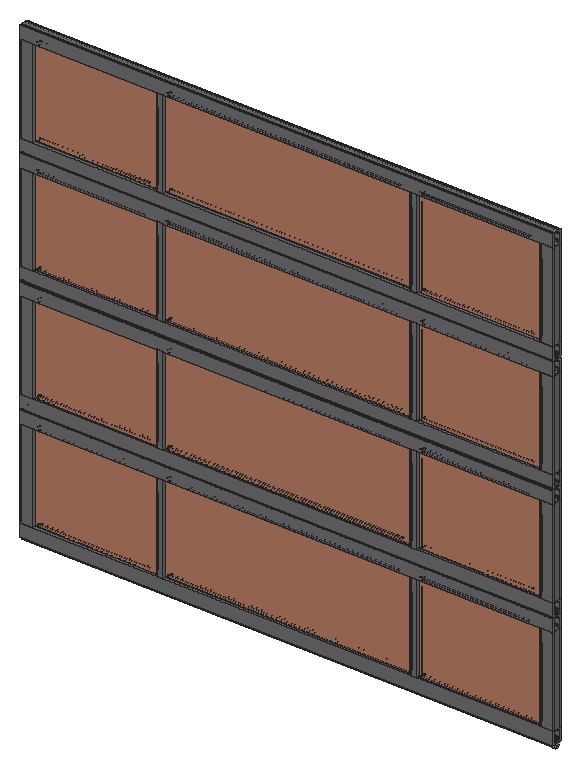
Revit family "GASY 12PUE T1C", category Doors, host Wall, Revit 2024
Family settings
  Host = Wall
  OmniClass Number = 23.30.10.00
  OmniClass Title = Doors
  Always vertical = Yes
  Cut with Voids When Loaded = No
  Shared = No
  Room Calculation Point = No
Parameters
  Wall Opening [instance] = 2440 mm
  Function = Interior
  Frame Projection Ext. = 25 mm
  Frame Projection Int. = 25 mm
  Frame Width = 75 mm
  Height = 2135 mm
  Wall Closure = By host
  Width = 2440 mm
Reference planes
  plane 1: y = 0
  plane 2 "Center (Left/Right)": x = 0
  plane 3 "Left": x = -1220
  plane 4 "Right": x = 1220
  plane 5: z = 2135
  plane 6 "Exterior": y = 75
  plane 7 "Interior": y = -75
  plane 8 "Garage Bottom": y = 75
  plane 9 "Garage Left": x = 1250
  plane 10 "Garage Right": x = -1250
  plane 11 "Garage Top": z = 2170
  plane 12: y = -115
Forms (mm)
  Extrusion 1, solid, material "ALUMINIUM CHAR (TEST)"
    sketch origin (0, -40.1, 2189.909) x (0, -1, 0) y (0, 0, -1)
      loop
        line (75, 2170) -> (75, 2110) -> (85, 2110) -> (85, 2110.993) -> (83.5, 2111.395) -> (83.5, 2112.6) -> (101.75, 2112.6) -> (101.75, 2111.307) -> (99, 2111.066) -> (99, 2110) -> (119, 2110) -> (119, 2170) -> (115.1, 2170) -> (115.1, 2168.2) -> (117.2, 2168.2) -> (117.2, 2166.2) -> (109.1, 2166.2) -> (109.1, 2168.2) -> (111.1, 2168.2) -> (111.1, 2170) -> (82.9, 2170) -> (82.9, 2168.2) -> (84.9, 2168.2) -> (84.9, 2166.2) -> (76.8, 2166.2) -> (76.8, 2168.2) -> (78.9, 2168.2) -> (78.9, 2170) -> (75, 2170)
      loop
        line (117.25, 2157.453) -> (117.25, 2164.6) -> (107.3, 2164.6) -> (107.3, 2168.2) -> (86.7, 2168.2) -> (86.7, 2164.6) -> (76.75, 2164.6) -> (76.75, 2157.453) -> (77.3, 2156.5) -> (77.3, 2153.5) -> (76.75, 2152.547) -> (76.75, 2127.253) -> (77.3, 2126.3) -> (77.3, 2123.3) -> (76.75, 2122.347) -> (76.75, 2111.8) -> (81.7, 2111.8) -> (81.7, 2114.4) -> (103.55, 2114.4) -> (103.55, 2111.8) -> (117.25, 2111.8) -> (117.25, 2122.347) -> (116.7, 2123.3) -> (116.7, 2126.3) -> (117.25, 2127.253) -> (117.25, 2152.547) -> (116.7, 2153.5) -> (116.7, 2156.5) -> (117.25, 2157.453)
      loop
        line (75, 19.909) -> (78.9, 19.909) -> (78.9, 21.709) -> (76.8, 21.709) -> (76.8, 23.709) -> (84.9, 23.709) -> (84.9, 21.709) -> (82.9, 21.709) -> (82.9, 19.909) -> (111.1, 19.909) -> (111.1, 21.709) -> (109.1, 21.709) -> (109.1, 23.709) -> (117.2, 23.709) -> (117.2, 21.709) -> (115.1, 21.709) -> (115.1, 19.909) -> (119, 19.909) -> (119, 79.909) -> (99, 79.909) -> (99, 78.843) -> (101.75, 78.602) -> (101.75, 77.309) -> (83.5, 77.309) -> (83.5, 78.514) -> (85, 78.916) -> (85, 79.909) -> (75, 79.909) -> (75, 19.909)
      loop
        line (117.25, 32.456) -> (116.7, 33.409) -> (116.7, 36.409) -> (117.25, 37.361) -> (117.25, 62.656) -> (116.7, 63.609) -> (116.7, 66.609) -> (117.25, 67.561) -> (117.25, 78.109) -> (103.55, 78.109) -> (103.55, 75.509) -> (81.7, 75.509) -> (81.7, 78.109) -> (76.75, 78.109) -> (76.75, 67.561) -> (77.3, 66.609) -> (77.3, 63.609) -> (76.75, 62.656) -> (76.75, 37.361) -> (77.3, 36.409) -> (77.3, 33.409) -> (76.75, 32.456) -> (76.75, 25.309) -> (86.7, 25.309) -> (86.7, 21.709) -> (107.3, 21.709) -> (107.3, 25.309) -> (117.25, 25.309) -> (117.25, 32.456)
    from -1250 to 1250
  Extrusion 2, solid, material "ALUMINIUM CHAR (TEST)"
    sketch origin (0, -40.1, 3811.454) x (0, -1, 0) y (0, 0, -1)
      loop
        line (75, 3258.454) -> (78.9, 3258.454) -> (78.9, 3260.254) -> (76.8, 3260.254) -> (76.8, 3262.254) -> (84.9, 3262.254) -> (84.9, 3260.254) -> (82.9, 3260.254) -> (82.9, 3258.454) -> (111.1, 3258.454) -> (111.1, 3260.254) -> (109.1, 3260.254) -> (109.1, 3262.254) -> (117.2, 3262.254) -> (117.2, 3260.254) -> (115.1, 3260.254) -> (115.1, 3258.454) -> (119, 3258.454) -> (119, 3318.454) -> (99, 3318.454) -> (99, 3317.388) -> (101.75, 3317.148) -> (101.75, 3315.854) -> (83.5, 3315.854) -> (83.5, 3317.06) -> (85, 3317.461) -> (85, 3318.454) -> (75, 3318.454) -> (75, 3258.454)
      loop
        line (117.25, 3271.002) -> (116.7, 3271.954) -> (116.7, 3274.954) -> (117.25, 3275.907) -> (117.25, 3301.202) -> (116.7, 3302.154) -> (116.7, 3305.154) -> (117.25, 3306.107) -> (117.25, 3316.654) -> (103.55, 3316.654) -> (103.55, 3314.054) -> (81.7, 3314.054) -> (81.7, 3316.654) -> (76.75, 3316.654) -> (76.75, 3306.107) -> (77.3, 3305.154) -> (77.3, 3302.154) -> (76.75, 3301.202) -> (76.75, 3275.907) -> (77.3, 3274.954) -> (77.3, 3271.954) -> (76.75, 3271.002) -> (76.75, 3263.854) -> (86.7, 3263.854) -> (86.7, 3260.254) -> (107.3, 3260.254) -> (107.3, 3263.854) -> (117.25, 3263.854) -> (117.25, 3271.002)
      loop
        line (75, 3252.454) -> (75, 3192.454) -> (85, 3192.454) -> (85, 3193.447) -> (83.5, 3193.849) -> (83.5, 3195.054) -> (101.75, 3195.054) -> (101.75, 3193.761) -> (99, 3193.52) -> (99, 3192.454) -> (119, 3192.454) -> (119, 3252.454) -> (115.1, 3252.454) -> (115.1, 3250.654) -> (117.2, 3250.654) -> (117.2, 3248.654) -> (109.1, 3248.654) -> (109.1, 3250.654) -> (111.1, 3250.654) -> (111.1, 3252.454) -> (82.9, 3252.454) -> (82.9, 3250.654) -> (84.9, 3250.654) -> (84.9, 3248.654) -> (76.8, 3248.654) -> (76.8, 3250.654) -> (78.9, 3250.654) -> (78.9, 3252.454) -> (75, 3252.454)
      loop
        line (117.25, 3239.907) -> (117.25, 3247.054) -> (107.3, 3247.054) -> (107.3, 3250.654) -> (86.7, 3250.654) -> (86.7, 3247.054) -> (76.75, 3247.054) -> (76.75, 3239.907) -> (77.3, 3238.954) -> (77.3, 3235.954) -> (76.75, 3235.002) -> (76.75, 3209.707) -> (77.3, 3208.754) -> (77.3, 3205.754) -> (76.75, 3204.802) -> (76.75, 3194.254) -> (81.7, 3194.254) -> (81.7, 3196.854) -> (103.55, 3196.854) -> (103.55, 3194.254) -> (117.25, 3194.254) -> (117.25, 3204.802) -> (116.7, 3205.754) -> (116.7, 3208.754) -> (117.25, 3209.707) -> (117.25, 3235.002) -> (116.7, 3235.954) -> (116.7, 3238.954) -> (117.25, 3239.907)
      loop
        line (75, 2719.454) -> (78.9, 2719.454) -> (78.9, 2721.254) -> (76.8, 2721.254) -> (76.8, 2723.254) -> (84.9, 2723.254) -> (84.9, 2721.254) -> (82.9, 2721.254) -> (82.9, 2719.454) -> (111.1, 2719.454) -> (111.1, 2721.254) -> (109.1, 2721.254) -> (109.1, 2723.254) -> (117.2, 2723.254) -> (117.2, 2721.254) -> (115.1, 2721.254) -> (115.1, 2719.454) -> (119, 2719.454) -> (119, 2779.454) -> (99, 2779.454) -> (99, 2778.388) -> (101.75, 2778.148) -> (101.75, 2776.854) -> (83.5, 2776.854) -> (83.5, 2778.06) -> (85, 2778.461) -> (85, 2779.454) -> (75, 2779.454) -> (75, 2719.454)
      loop
        line (117.25, 2732.002) -> (116.7, 2732.954) -> (116.7, 2735.954) -> (117.25, 2736.907) -> (117.25, 2762.202) -> (116.7, 2763.154) -> (116.7, 2766.154) -> (117.25, 2767.107) -> (117.25, 2777.654) -> (103.55, 2777.654) -> (103.55, 2775.054) -> (81.7, 2775.054) -> (81.7, 2777.654) -> (76.75, 2777.654) -> (76.75, 2767.107) -> (77.3, 2766.154) -> (77.3, 2763.154) -> (76.75, 2762.202) -> (76.75, 2736.907) -> (77.3, 2735.954) -> (77.3, 2732.954) -> (76.75, 2732.002) -> (76.75, 2724.854) -> (86.7, 2724.854) -> (86.7, 2721.254) -> (107.3, 2721.254) -> (107.3, 2724.854) -> (117.25, 2724.854) -> (117.25, 2732.002)
      loop
        line (75, 2713.454) -> (75, 2653.454) -> (85, 2653.454) -> (85, 2654.447) -> (83.5, 2654.849) -> (83.5, 2656.054) -> (101.75, 2656.054) -> (101.75, 2654.761) -> (99, 2654.52) -> (99, 2653.454) -> (119, 2653.454) -> (119, 2713.454) -> (115.1, 2713.454) -> (115.1, 2711.654) -> (117.2, 2711.654) -> (117.2, 2709.654) -> (109.1, 2709.654) -> (109.1, 2711.654) -> (111.1, 2711.654) -> (111.1, 2713.454) -> (82.9, 2713.454) -> (82.9, 2711.654) -> (84.9, 2711.654) -> (84.9, 2709.654) -> (76.8, 2709.654) -> (76.8, 2711.654) -> (78.9, 2711.654) -> (78.9, 2713.454) -> (75, 2713.454)
      loop
        line (117.25, 2700.907) -> (117.25, 2708.054) -> (107.3, 2708.054) -> (107.3, 2711.654) -> (86.7, 2711.654) -> (86.7, 2708.054) -> (76.75, 2708.054) -> (76.75, 2700.907) -> (77.3, 2699.954) -> (77.3, 2696.954) -> (76.75, 2696.002) -> (76.75, 2670.707) -> (77.3, 2669.754) -> (77.3, 2666.754) -> (76.75, 2665.802) -> (76.75, 2655.254) -> (81.7, 2655.254) -> (81.7, 2657.854) -> (103.55, 2657.854) -> (103.55, 2655.254) -> (117.25, 2655.254) -> (117.25, 2665.802) -> (116.7, 2666.754) -> (116.7, 2669.754) -> (117.25, 2670.707) -> (117.25, 2696.002) -> (116.7, 2696.954) -> (116.7, 2699.954) -> (117.25, 2700.907)
      loop
        line (75, 2180.454) -> (78.9, 2180.454) -> (78.9, 2182.254) -> (76.8, 2182.254) -> (76.8, 2184.254) -> (84.9, 2184.254) -> (84.9, 2182.254) -> (82.9, 2182.254) -> (82.9, 2180.454) -> (111.1, 2180.454) -> (111.1, 2182.254) -> (109.1, 2182.254) -> (109.1, 2184.254) -> (117.2, 2184.254) -> (117.2, 2182.254) -> (115.1, 2182.254) -> (115.1, 2180.454) -> (119, 2180.454) -> (119, 2240.454) -> (99, 2240.454) -> (99, 2239.388) -> (101.75, 2239.148) -> (101.75, 2237.854) -> (83.5, 2237.854) -> (83.5, 2239.06) -> (85, 2239.461) -> (85, 2240.454) -> (75, 2240.454) -> (75, 2180.454)
      loop
        line (117.25, 2193.002) -> (116.7, 2193.954) -> (116.7, 2196.954) -> (117.25, 2197.907) -> (117.25, 2223.202) -> (116.7, 2224.154) -> (116.7, 2227.154) -> (117.25, 2228.107) -> (117.25, 2238.654) -> (103.55, 2238.654) -> (103.55, 2236.054) -> (81.7, 2236.054) -> (81.7, 2238.654) -> (76.75, 2238.654) -> (76.75, 2228.107) -> (77.3, 2227.154) -> (77.3, 2224.154) -> (76.75, 2223.202) -> (76.75, 2197.907) -> (77.3, 2196.954) -> (77.3, 2193.954) -> (76.75, 2193.002) -> (76.75, 2185.854) -> (86.7, 2185.854) -> (86.7, 2182.254) -> (107.3, 2182.254) -> (107.3, 2185.854) -> (117.25, 2185.854) -> (117.25, 2193.002)
      loop
        line (75, 2174.454) -> (75, 2114.454) -> (85, 2114.454) -> (85, 2115.447) -> (83.5, 2115.849) -> (83.5, 2117.054) -> (101.75, 2117.054) -> (101.75, 2115.761) -> (99, 2115.52) -> (99, 2114.454) -> (119, 2114.454) -> (119, 2174.454) -> (115.1, 2174.454) -> (115.1, 2172.654) -> (117.2, 2172.654) -> (117.2, 2170.654) -> (109.1, 2170.654) -> (109.1, 2172.654) -> (111.1, 2172.654) -> (111.1, 2174.454) -> (82.9, 2174.454) -> (82.9, 2172.654) -> (84.9, 2172.654) -> (84.9, 2170.654) -> (76.8, 2170.654) -> (76.8, 2172.654) -> (78.9, 2172.654) -> (78.9, 2174.454) -> (75, 2174.454)
      loop
        line (117.25, 2161.907) -> (117.25, 2169.054) -> (107.3, 2169.054) -> (107.3, 2172.654) -> (86.7, 2172.654) -> (86.7, 2169.054) -> (76.75, 2169.054) -> (76.75, 2161.907) -> (77.3, 2160.954) -> (77.3, 2157.954) -> (76.75, 2157.002) -> (76.75, 2131.707) -> (77.3, 2130.754) -> (77.3, 2127.754) -> (76.75, 2126.802) -> (76.75, 2116.254) -> (81.7, 2116.254) -> (81.7, 2118.854) -> (103.55, 2118.854) -> (103.55, 2116.254) -> (117.25, 2116.254) -> (117.25, 2126.802) -> (116.7, 2127.754) -> (116.7, 2130.754) -> (117.25, 2131.707) -> (117.25, 2157.002) -> (116.7, 2157.954) -> (116.7, 2160.954) -> (117.25, 2161.907)
    from -1250 to 1250
  Extrusion 3, solid, material "Rubber, Natural"
    sketch origin (0, -36.1, 0) x (0, 1, 0) y (0, 0, 1)
      loop
        line (-111, 19.909) -> (-111, 16.909) -> (-106, 16.909) -> (-106, 14.004)
        spline (-106, 14.004) -> (-109.192, 11.809) -> (-110.848, 8.808) -> (-110.659, 5.562) -> (-108.66, 2.681) -> (-105.226, 0.703) -> (-101, 0) -> (-96.774, 0.703) -> (-93.34, 2.681) -> (-91.341, 5.562) -> (-91.152, 8.808) -> (-92.808, 11.809) -> (-96, 14.004)
        line (-96, 14.004) -> (-96, 16.909) -> (-91, 16.909) -> (-91, 19.909) -> (-111, 19.909)
      loop
        line (-98, 16.909) -> (-104, 16.909) -> (-104, 14.633)
        arc (-104, 14.633) -> (-101, 15.009) -> (-98, 14.633) r 12.129
        line (-98, 14.633) -> (-98, 16.909)
      loop
        spline (-101, 1.513) -> (-98.929, 1.717) -> (-97, 2.316) -> (-95.343, 3.268) -> (-94.072, 4.509) -> (-93.273, 5.954) -> (-93, 7.505) -> (-93.273, 9.055) -> (-94.072, 10.501) -> (-95.343, 11.742) -> (-97, 12.694) -> (-98.929, 13.292) -> (-101, 13.496)
        spline (-101, 13.496) -> (-103.071, 13.292) -> (-105, 12.694) -> (-106.657, 11.742) -> (-107.928, 10.501) -> (-108.727, 9.055) -> (-109, 7.505) -> (-108.727, 5.954) -> (-107.928, 4.509) -> (-106.657, 3.268) -> (-105, 2.316) -> (-103.071, 1.717) -> (-101, 1.513)
    from -1250 to 1250
  Extrusion 4, solid, material "Rubber, Natural"
    sketch origin (0, -19.95, 1625.346) x (0, 1, 0) y (0, 0, 1)
      loop
        line (-104, 14.808) -> (-104, 13.808) -> (-101.5, 13.808) -> (-101.5, 11.781)
        spline (-101.5, 11.781) -> (-102.841, 11.479) -> (-103.739, 10.888) -> (-103.978, 10.15) -> (-103.501, 9.444) -> (-102.421, 8.938) -> (-101, 8.754) -> (-99.579, 8.938) -> (-98.499, 9.444) -> (-98.022, 10.15) -> (-98.261, 10.888) -> (-99.159, 11.479) -> (-100.5, 11.781)
        line (-100.5, 11.781) -> (-100.5, 13.808) -> (-98, 13.808) -> (-98, 14.808) -> (-104, 14.808)
      loop
        line (-136.3, 14.808) -> (-136.3, 13.808) -> (-133.8, 13.808) -> (-133.8, 11.781)
        spline (-133.8, 11.781) -> (-135.141, 11.479) -> (-136.039, 10.888) -> (-136.278, 10.15) -> (-135.801, 9.444) -> (-134.721, 8.938) -> (-133.3, 8.754) -> (-131.879, 8.938) -> (-130.799, 9.444) -> (-130.322, 10.15) -> (-130.561, 10.888) -> (-131.459, 11.479) -> (-132.8, 11.781)
        line (-132.8, 11.781) -> (-132.8, 13.808) -> (-130.3, 13.808) -> (-130.3, 14.808) -> (-136.3, 14.808)
      loop
        line (-104, 2.501) -> (-98, 2.501) -> (-98, 3.501) -> (-100.5, 3.501) -> (-100.5, 5.528)
        spline (-100.5, 5.528) -> (-99.159, 5.83) -> (-98.261, 6.421) -> (-98.022, 7.158) -> (-98.499, 7.865) -> (-99.579, 8.371) -> (-101, 8.554) -> (-102.421, 8.371) -> (-103.501, 7.865) -> (-103.978, 7.158) -> (-103.739, 6.421) -> (-102.841, 5.83) -> (-101.5, 5.528)
        line (-101.5, 5.528) -> (-101.5, 3.501) -> (-104, 3.501) -> (-104, 2.501)
      loop
        line (-136.3, 2.501) -> (-130.3, 2.501) -> (-130.3, 3.501) -> (-132.8, 3.501) -> (-132.8, 5.528)
        spline (-132.8, 5.528) -> (-131.459, 5.83) -> (-130.561, 6.421) -> (-130.322, 7.158) -> (-130.799, 7.865) -> (-131.879, 8.371) -> (-133.3, 8.554) -> (-134.721, 8.371) -> (-135.801, 7.865) -> (-136.278, 7.158) -> (-136.039, 6.421) -> (-135.141, 5.83) -> (-133.8, 5.528)
        line (-133.8, 5.528) -> (-133.8, 3.501) -> (-136.3, 3.501) -> (-136.3, 2.501)
      loop
        line (-104, -524.192) -> (-104, -525.192) -> (-101.5, -525.192) -> (-101.5, -527.219)
        spline (-101.5, -527.219) -> (-102.841, -527.521) -> (-103.739, -528.112) -> (-103.978, -528.85) -> (-103.501, -529.556) -> (-102.421, -530.062) -> (-101, -530.246) -> (-99.579, -530.062) -> (-98.499, -529.556) -> (-98.022, -528.85) -> (-98.261, -528.112) -> (-99.159, -527.521) -> (-100.5, -527.219)
        line (-100.5, -527.219) -> (-100.5, -525.192) -> (-98, -525.192) -> (-98, -524.192) -> (-104, -524.192)
      loop
        line (-136.3, -524.192) -> (-136.3, -525.192) -> (-133.8, -525.192) -> (-133.8, -527.219)
        spline (-133.8, -527.219) -> (-135.141, -527.521) -> (-136.039, -528.112) -> (-136.278, -528.85) -> (-135.801, -529.556) -> (-134.721, -530.062) -> (-133.3, -530.246) -> (-131.879, -530.062) -> (-130.799, -529.556) -> (-130.322, -528.85) -> (-130.561, -528.112) -> (-131.459, -527.521) -> (-132.8, -527.219)
        line (-132.8, -527.219) -> (-132.8, -525.192) -> (-130.3, -525.192) -> (-130.3, -524.192) -> (-136.3, -524.192)
      loop
        line (-104, -536.499) -> (-98, -536.499) -> (-98, -535.499) -> (-100.5, -535.499) -> (-100.5, -533.472)
        spline (-100.5, -533.472) -> (-99.159, -533.17) -> (-98.261, -532.579) -> (-98.022, -531.842) -> (-98.499, -531.135) -> (-99.579, -530.629) -> (-101, -530.446) -> (-102.421, -530.629) -> (-103.501, -531.135) -> (-103.978, -531.842) -> (-103.739, -532.579) -> (-102.841, -533.17) -> (-101.5, -533.472)
        line (-101.5, -533.472) -> (-101.5, -535.499) -> (-104, -535.499) -> (-104, -536.499)
      loop
        line (-136.3, -536.499) -> (-130.3, -536.499) -> (-130.3, -535.499) -> (-132.8, -535.499) -> (-132.8, -533.472)
        spline (-132.8, -533.472) -> (-131.459, -533.17) -> (-130.561, -532.579) -> (-130.322, -531.842) -> (-130.799, -531.135) -> (-131.879, -530.629) -> (-133.3, -530.446) -> (-134.721, -530.629) -> (-135.801, -531.135) -> (-136.278, -531.842) -> (-136.039, -532.579) -> (-135.141, -533.17) -> (-133.8, -533.472)
        line (-133.8, -533.472) -> (-133.8, -535.499) -> (-136.3, -535.499) -> (-136.3, -536.499)
      loop
        line (-104, -1063.192) -> (-104, -1064.192) -> (-101.5, -1064.192) -> (-101.5, -1066.219)
        spline (-101.5, -1066.219) -> (-102.841, -1066.521) -> (-103.739, -1067.112) -> (-103.978, -1067.85) -> (-103.501, -1068.556) -> (-102.421, -1069.062) -> (-101, -1069.246) -> (-99.579, -1069.062) -> (-98.499, -1068.556) -> (-98.022, -1067.85) -> (-98.261, -1067.112) -> (-99.159, -1066.521) -> (-100.5, -1066.219)
        line (-100.5, -1066.219) -> (-100.5, -1064.192) -> (-98, -1064.192) -> (-98, -1063.192) -> (-104, -1063.192)
      loop
        line (-136.3, -1063.192) -> (-136.3, -1064.192) -> (-133.8, -1064.192) -> (-133.8, -1066.219)
        spline (-133.8, -1066.219) -> (-135.141, -1066.521) -> (-136.039, -1067.112) -> (-136.278, -1067.85) -> (-135.801, -1068.556) -> (-134.721, -1069.062) -> (-133.3, -1069.246) -> (-131.879, -1069.062) -> (-130.799, -1068.556) -> (-130.322, -1067.85) -> (-130.561, -1067.112) -> (-131.459, -1066.521) -> (-132.8, -1066.219)
        line (-132.8, -1066.219) -> (-132.8, -1064.192) -> (-130.3, -1064.192) -> (-130.3, -1063.192) -> (-136.3, -1063.192)
      loop
        line (-104, -1075.499) -> (-98, -1075.499) -> (-98, -1074.499) -> (-100.5, -1074.499) -> (-100.5, -1072.472)
        spline (-100.5, -1072.472) -> (-99.159, -1072.17) -> (-98.261, -1071.579) -> (-98.022, -1070.842) -> (-98.499, -1070.135) -> (-99.579, -1069.629) -> (-101, -1069.446) -> (-102.421, -1069.629) -> (-103.501, -1070.135) -> (-103.978, -1070.842) -> (-103.739, -1071.579) -> (-102.841, -1072.17) -> (-101.5, -1072.472)
        line (-101.5, -1072.472) -> (-101.5, -1074.499) -> (-104, -1074.499) -> (-104, -1075.499)
      loop
        line (-136.3, -1075.499) -> (-130.3, -1075.499) -> (-130.3, -1074.499) -> (-132.8, -1074.499) -> (-132.8, -1072.472)
        spline (-132.8, -1072.472) -> (-131.459, -1072.17) -> (-130.561, -1071.579) -> (-130.322, -1070.842) -> (-130.799, -1070.135) -> (-131.879, -1069.629) -> (-133.3, -1069.446) -> (-134.721, -1069.629) -> (-135.801, -1070.135) -> (-136.278, -1070.842) -> (-136.039, -1071.579) -> (-135.141, -1072.17) -> (-133.8, -1072.472)
        line (-133.8, -1072.472) -> (-133.8, -1074.499) -> (-136.3, -1074.499) -> (-136.3, -1075.499)
    from -1250 to 1250
  Extrusion 5, solid, material "ALUMINIUM CHAR (TEST)"
    sketch origin (2744.172, 259.9, 1153.454) x (1, 0, 0) y (0, 1, 0)
      loop
        line (-3934.172, -375) -> (-3994.172, -375) -> (-3994.172, -378.9) -> (-3992.372, -378.9) -> (-3992.372, -376.8) -> (-3990.372, -376.8) -> (-3990.372, -384.9) -> (-3992.372, -384.9) -> (-3992.372, -382.9) -> (-3994.172, -382.9) -> (-3994.172, -411.1) -> (-3992.372, -411.1) -> (-3992.372, -409.1) -> (-3990.372, -409.1) -> (-3990.372, -417.2) -> (-3992.372, -417.2) -> (-3992.372, -415.1) -> (-3994.172, -415.1) -> (-3994.172, -419) -> (-3934.172, -419) -> (-3934.172, -399) -> (-3935.238, -399) -> (-3935.479, -401.75) -> (-3936.772, -401.75) -> (-3936.772, -383.5) -> (-3935.567, -383.5) -> (-3935.165, -385) -> (-3934.172, -385) -> (-3934.172, -375)
      loop
        line (-3988.772, -376.75) -> (-3988.772, -386.7) -> (-3992.372, -386.7) -> (-3992.372, -407.3) -> (-3988.772, -407.3) -> (-3988.772, -417.25) -> (-3981.625, -417.25) -> (-3980.672, -416.7) -> (-3977.672, -416.7) -> (-3976.72, -417.25) -> (-3951.425, -417.25) -> (-3950.472, -416.7) -> (-3947.472, -416.7) -> (-3946.52, -417.25) -> (-3935.972, -417.25) -> (-3935.972, -403.55) -> (-3938.572, -403.55) -> (-3938.572, -381.7) -> (-3935.972, -381.7) -> (-3935.972, -376.75) -> (-3946.52, -376.75) -> (-3947.472, -377.3) -> (-3950.472, -377.3) -> (-3951.425, -376.75) -> (-3976.72, -376.75) -> (-3977.672, -377.3) -> (-3980.672, -377.3) -> (-3981.625, -376.75) -> (-3988.772, -376.75)
      loop
        line (-1554.172, -375) -> (-1554.172, -385) -> (-1553.179, -385) -> (-1552.777, -383.5) -> (-1551.572, -383.5) -> (-1551.572, -401.75) -> (-1552.866, -401.75) -> (-1553.106, -399) -> (-1554.172, -399) -> (-1554.172, -419) -> (-1494.172, -419) -> (-1494.172, -415.1) -> (-1495.972, -415.1) -> (-1495.972, -417.2) -> (-1497.972, -417.2) -> (-1497.972, -409.1) -> (-1495.972, -409.1) -> (-1495.972, -411.1) -> (-1494.172, -411.1) -> (-1494.172, -382.9) -> (-1495.972, -382.9) -> (-1495.972, -384.9) -> (-1497.972, -384.9) -> (-1497.972, -376.8) -> (-1495.972, -376.8) -> (-1495.972, -378.9) -> (-1494.172, -378.9) -> (-1494.172, -375) -> (-1554.172, -375)
      loop
        line (-1507.672, -377.3) -> (-1510.672, -377.3) -> (-1511.625, -376.75) -> (-1536.92, -376.75) -> (-1537.872, -377.3) -> (-1540.872, -377.3) -> (-1541.825, -376.75) -> (-1552.372, -376.75) -> (-1552.372, -381.7) -> (-1549.772, -381.7) -> (-1549.772, -403.55) -> (-1552.372, -403.55) -> (-1552.372, -417.25) -> (-1541.825, -417.25) -> (-1540.872, -416.7) -> (-1537.872, -416.7) -> (-1536.92, -417.25) -> (-1511.625, -417.25) -> (-1510.672, -416.7) -> (-1507.672, -416.7) -> (-1506.72, -417.25) -> (-1499.572, -417.25) -> (-1499.572, -407.3) -> (-1495.972, -407.3) -> (-1495.972, -386.7) -> (-1499.572, -386.7) -> (-1499.572, -376.75) -> (-1506.72, -376.75) -> (-1507.672, -377.3)
      loop
        line (-3354.172, -385) -> (-3353.179, -385) -> (-3352.777, -383.5) -> (-3351.572, -383.5) -> (-3351.572, -401.75) -> (-3352.866, -401.75) -> (-3353.106, -399) -> (-3354.172, -399) -> (-3354.172, -419) -> (-3324.172, -419) -> (-3324.172, -399) -> (-3325.238, -399) -> (-3325.479, -401.75) -> (-3326.772, -401.75) -> (-3326.772, -383.5) -> (-3325.567, -383.5) -> (-3325.165, -385) -> (-3324.172, -385) -> (-3324.172, -375) -> (-3354.172, -375) -> (-3354.172, -385)
      loop
        line (-3352.372, -376.75) -> (-3352.372, -381.7) -> (-3349.772, -381.7) -> (-3349.772, -403.55) -> (-3352.372, -403.55) -> (-3352.372, -417.25) -> (-3325.972, -417.25) -> (-3325.972, -403.55) -> (-3328.572, -403.55) -> (-3328.572, -381.7) -> (-3325.972, -381.7) -> (-3325.972, -376.75) -> (-3352.372, -376.75)
      loop
        line (-2134.172, -385) -> (-2134.172, -375) -> (-2164.172, -375) -> (-2164.172, -385) -> (-2163.179, -385) -> (-2162.777, -383.5) -> (-2161.572, -383.5) -> (-2161.572, -401.75) -> (-2162.866, -401.75) -> (-2163.106, -399) -> (-2164.172, -399) -> (-2164.172, -419) -> (-2134.172, -419) -> (-2134.172, -399) -> (-2135.238, -399) -> (-2135.479, -401.75) -> (-2136.772, -401.75) -> (-2136.772, -383.5) -> (-2135.567, -383.5) -> (-2135.165, -385) -> (-2134.172, -385)
      loop
        line (-2135.972, -376.75) -> (-2162.372, -376.75) -> (-2162.372, -381.7) -> (-2159.772, -381.7) -> (-2159.772, -403.55) -> (-2162.372, -403.55) -> (-2162.372, -417.25) -> (-2135.972, -417.25) -> (-2135.972, -403.55) -> (-2138.572, -403.55) -> (-2138.572, -381.7) -> (-2135.972, -381.7) -> (-2135.972, -376.75)
    from 4.546 to 417.546
  Extrusion 6, solid, material "ALUMINIUM CHAR (TEST)"
    sketch origin (2744.172, 259.9, 612.954) x (1, 0, 0) y (0, 1, 0)
      loop
        line (-3934.172, -375) -> (-3994.172, -375) -> (-3994.172, -378.9) -> (-3992.372, -378.9) -> (-3992.372, -376.8) -> (-3990.372, -376.8) -> (-3990.372, -384.9) -> (-3992.372, -384.9) -> (-3992.372, -382.9) -> (-3994.172, -382.9) -> (-3994.172, -411.1) -> (-3992.372, -411.1) -> (-3992.372, -409.1) -> (-3990.372, -409.1) -> (-3990.372, -417.2) -> (-3992.372, -417.2) -> (-3992.372, -415.1) -> (-3994.172, -415.1) -> (-3994.172, -419) -> (-3934.172, -419) -> (-3934.172, -399) -> (-3935.238, -399) -> (-3935.479, -401.75) -> (-3936.772, -401.75) -> (-3936.772, -383.5) -> (-3935.567, -383.5) -> (-3935.165, -385) -> (-3934.172, -385) -> (-3934.172, -375)
      loop
        line (-3988.772, -376.75) -> (-3988.772, -386.7) -> (-3992.372, -386.7) -> (-3992.372, -407.3) -> (-3988.772, -407.3) -> (-3988.772, -417.25) -> (-3981.625, -417.25) -> (-3980.672, -416.7) -> (-3977.672, -416.7) -> (-3976.72, -417.25) -> (-3951.425, -417.25) -> (-3950.472, -416.7) -> (-3947.472, -416.7) -> (-3946.52, -417.25) -> (-3935.972, -417.25) -> (-3935.972, -403.55) -> (-3938.572, -403.55) -> (-3938.572, -381.7) -> (-3935.972, -381.7) -> (-3935.972, -376.75) -> (-3946.52, -376.75) -> (-3947.472, -377.3) -> (-3950.472, -377.3) -> (-3951.425, -376.75) -> (-3976.72, -376.75) -> (-3977.672, -377.3) -> (-3980.672, -377.3) -> (-3981.625, -376.75) -> (-3988.772, -376.75)
      loop
        line (-1554.172, -375) -> (-1554.172, -385) -> (-1553.179, -385) -> (-1552.777, -383.5) -> (-1551.572, -383.5) -> (-1551.572, -401.75) -> (-1552.866, -401.75) -> (-1553.106, -399) -> (-1554.172, -399) -> (-1554.172, -419) -> (-1494.172, -419) -> (-1494.172, -415.1) -> (-1495.972, -415.1) -> (-1495.972, -417.2) -> (-1497.972, -417.2) -> (-1497.972, -409.1) -> (-1495.972, -409.1) -> (-1495.972, -411.1) -> (-1494.172, -411.1) -> (-1494.172, -382.9) -> (-1495.972, -382.9) -> (-1495.972, -384.9) -> (-1497.972, -384.9) -> (-1497.972, -376.8) -> (-1495.972, -376.8) -> (-1495.972, -378.9) -> (-1494.172, -378.9) -> (-1494.172, -375) -> (-1554.172, -375)
      loop
        line (-1507.672, -377.3) -> (-1510.672, -377.3) -> (-1511.625, -376.75) -> (-1536.92, -376.75) -> (-1537.872, -377.3) -> (-1540.872, -377.3) -> (-1541.825, -376.75) -> (-1552.372, -376.75) -> (-1552.372, -381.7) -> (-1549.772, -381.7) -> (-1549.772, -403.55) -> (-1552.372, -403.55) -> (-1552.372, -417.25) -> (-1541.825, -417.25) -> (-1540.872, -416.7) -> (-1537.872, -416.7) -> (-1536.92, -417.25) -> (-1511.625, -417.25) -> (-1510.672, -416.7) -> (-1507.672, -416.7) -> (-1506.72, -417.25) -> (-1499.572, -417.25) -> (-1499.572, -407.3) -> (-1495.972, -407.3) -> (-1495.972, -386.7) -> (-1499.572, -386.7) -> (-1499.572, -376.75) -> (-1506.72, -376.75) -> (-1507.672, -377.3)
      loop
        line (-3324.172, -375) -> (-3354.172, -375) -> (-3354.172, -385) -> (-3353.179, -385) -> (-3352.777, -383.5) -> (-3351.572, -383.5) -> (-3351.572, -401.75) -> (-3352.866, -401.75) -> (-3353.106, -399) -> (-3354.172, -399) -> (-3354.172, -419) -> (-3324.172, -419) -> (-3324.172, -399) -> (-3325.238, -399) -> (-3325.479, -401.75) -> (-3326.772, -401.75) -> (-3326.772, -383.5) -> (-3325.567, -383.5) -> (-3325.165, -385) -> (-3324.172, -385) -> (-3324.172, -375)
      loop
        line (-3352.372, -376.75) -> (-3352.372, -381.7) -> (-3349.772, -381.7) -> (-3349.772, -403.55) -> (-3352.372, -403.55) -> (-3352.372, -417.25) -> (-3325.972, -417.25) -> (-3325.972, -403.55) -> (-3328.572, -403.55) -> (-3328.572, -381.7) -> (-3325.972, -381.7) -> (-3325.972, -376.75) -> (-3352.372, -376.75)
      loop
        line (-2164.172, -375) -> (-2164.172, -385) -> (-2163.179, -385) -> (-2162.777, -383.5) -> (-2161.572, -383.5) -> (-2161.572, -401.75) -> (-2162.866, -401.75) -> (-2163.106, -399) -> (-2164.172, -399) -> (-2164.172, -419) -> (-2134.172, -419) -> (-2134.172, -399) -> (-2135.238, -399) -> (-2135.479, -401.75) -> (-2136.772, -401.75) -> (-2136.772, -383.5) -> (-2135.567, -383.5) -> (-2135.165, -385) -> (-2134.172, -385) -> (-2134.172, -375) -> (-2164.172, -375)
      loop
        line (-2135.972, -376.75) -> (-2162.372, -376.75) -> (-2162.372, -381.7) -> (-2159.772, -381.7) -> (-2159.772, -403.55) -> (-2162.372, -403.55) -> (-2162.372, -417.25) -> (-2135.972, -417.25) -> (-2135.972, -403.55) -> (-2138.572, -403.55) -> (-2138.572, -381.7) -> (-2135.972, -381.7) -> (-2135.972, -376.75)
    from 6.046 to 419.046
  Extrusion 7, solid, material "ALUMINIUM CHAR (TEST)"
    sketch origin (2744.172, 259.9, 72.454) x (1, 0, 0) y (0, 1, 0)
      loop
        line (-3934.172, -375) -> (-3994.172, -375) -> (-3994.172, -378.9) -> (-3992.372, -378.9) -> (-3992.372, -376.8) -> (-3990.372, -376.8) -> (-3990.372, -384.9) -> (-3992.372, -384.9) -> (-3992.372, -382.9) -> (-3994.172, -382.9) -> (-3994.172, -411.1) -> (-3992.372, -411.1) -> (-3992.372, -409.1) -> (-3990.372, -409.1) -> (-3990.372, -417.2) -> (-3992.372, -417.2) -> (-3992.372, -415.1) -> (-3994.172, -415.1) -> (-3994.172, -419) -> (-3934.172, -419) -> (-3934.172, -399) -> (-3935.238, -399) -> (-3935.479, -401.75) -> (-3936.772, -401.75) -> (-3936.772, -383.5) -> (-3935.567, -383.5) -> (-3935.165, -385) -> (-3934.172, -385) -> (-3934.172, -375)
      loop
        line (-3988.772, -376.75) -> (-3988.772, -386.7) -> (-3992.372, -386.7) -> (-3992.372, -407.3) -> (-3988.772, -407.3) -> (-3988.772, -417.25) -> (-3981.625, -417.25) -> (-3980.672, -416.7) -> (-3977.672, -416.7) -> (-3976.72, -417.25) -> (-3951.425, -417.25) -> (-3950.472, -416.7) -> (-3947.472, -416.7) -> (-3946.52, -417.25) -> (-3935.972, -417.25) -> (-3935.972, -403.55) -> (-3938.572, -403.55) -> (-3938.572, -381.7) -> (-3935.972, -381.7) -> (-3935.972, -376.75) -> (-3946.52, -376.75) -> (-3947.472, -377.3) -> (-3950.472, -377.3) -> (-3951.425, -376.75) -> (-3976.72, -376.75) -> (-3977.672, -377.3) -> (-3980.672, -377.3) -> (-3981.625, -376.75) -> (-3988.772, -376.75)
      loop
        line (-1554.172, -375) -> (-1554.172, -385) -> (-1553.179, -385) -> (-1552.777, -383.5) -> (-1551.572, -383.5) -> (-1551.572, -401.75) -> (-1552.866, -401.75) -> (-1553.106, -399) -> (-1554.172, -399) -> (-1554.172, -419) -> (-1494.172, -419) -> (-1494.172, -415.1) -> (-1495.972, -415.1) -> (-1495.972, -417.2) -> (-1497.972, -417.2) -> (-1497.972, -409.1) -> (-1495.972, -409.1) -> (-1495.972, -411.1) -> (-1494.172, -411.1) -> (-1494.172, -382.9) -> (-1495.972, -382.9) -> (-1495.972, -384.9) -> (-1497.972, -384.9) -> (-1497.972, -376.8) -> (-1495.972, -376.8) -> (-1495.972, -378.9) -> (-1494.172, -378.9) -> (-1494.172, -375) -> (-1554.172, -375)
      loop
        line (-1507.672, -377.3) -> (-1510.672, -377.3) -> (-1511.625, -376.75) -> (-1536.92, -376.75) -> (-1537.872, -377.3) -> (-1540.872, -377.3) -> (-1541.825, -376.75) -> (-1552.372, -376.75) -> (-1552.372, -381.7) -> (-1549.772, -381.7) -> (-1549.772, -403.55) -> (-1552.372, -403.55) -> (-1552.372, -417.25) -> (-1541.825, -417.25) -> (-1540.872, -416.7) -> (-1537.872, -416.7) -> (-1536.92, -417.25) -> (-1511.625, -417.25) -> (-1510.672, -416.7) -> (-1507.672, -416.7) -> (-1506.72, -417.25) -> (-1499.572, -417.25) -> (-1499.572, -407.3) -> (-1495.972, -407.3) -> (-1495.972, -386.7) -> (-1499.572, -386.7) -> (-1499.572, -376.75) -> (-1506.72, -376.75) -> (-1507.672, -377.3)
      loop
        line (-2164.172, -375) -> (-2164.172, -385) -> (-2163.179, -385) -> (-2162.777, -383.5) -> (-2161.572, -383.5) -> (-2161.572, -401.75) -> (-2162.866, -401.75) -> (-2163.106, -399) -> (-2164.172, -399) -> (-2164.172, -419) -> (-2134.172, -419) -> (-2134.172, -399) -> (-2135.238, -399) -> (-2135.479, -401.75) -> (-2136.772, -401.75) -> (-2136.772, -383.5) -> (-2135.567, -383.5) -> (-2135.165, -385) -> (-2134.172, -385) -> (-2134.172, -375) -> (-2164.172, -375)
      loop
        line (-2135.972, -376.75) -> (-2162.372, -376.75) -> (-2162.372, -381.7) -> (-2159.772, -381.7) -> (-2159.772, -403.55) -> (-2162.372, -403.55) -> (-2162.372, -417.25) -> (-2135.972, -417.25) -> (-2135.972, -403.55) -> (-2138.572, -403.55) -> (-2138.572, -381.7) -> (-2135.972, -381.7) -> (-2135.972, -376.75)
      loop
        line (-3324.172, -375) -> (-3354.172, -375) -> (-3354.172, -385) -> (-3353.179, -385) -> (-3352.777, -383.5) -> (-3351.572, -383.5) -> (-3351.572, -401.75) -> (-3352.866, -401.75) -> (-3353.106, -399) -> (-3354.172, -399) -> (-3354.172, -419) -> (-3324.172, -419) -> (-3324.172, -399) -> (-3325.238, -399) -> (-3325.479, -401.75) -> (-3326.772, -401.75) -> (-3326.772, -383.5) -> (-3325.567, -383.5) -> (-3325.165, -385) -> (-3324.172, -385) -> (-3324.172, -375)
      loop
        line (-3352.372, -376.75) -> (-3352.372, -381.7) -> (-3349.772, -381.7) -> (-3349.772, -403.55) -> (-3352.372, -403.55) -> (-3352.372, -417.25) -> (-3325.972, -417.25) -> (-3325.972, -403.55) -> (-3328.572, -403.55) -> (-3328.572, -381.7) -> (-3325.972, -381.7) -> (-3325.972, -376.75) -> (-3352.372, -376.75)
    from 7.454 to 420.546
  Extrusion 8, solid, material "ALUMINIUM CHAR (TEST)"
    sketch origin (2744.172, 259.9, 1182.754) x (1, 0, 0) y (0, 1, 0)
      loop
        line (-3934.172, -375) -> (-3994.172, -375) -> (-3994.172, -378.9) -> (-3992.372, -378.9) -> (-3992.372, -376.8) -> (-3990.372, -376.8) -> (-3990.372, -384.9) -> (-3992.372, -384.9) -> (-3992.372, -382.9) -> (-3994.172, -382.9) -> (-3994.172, -411.1) -> (-3992.372, -411.1) -> (-3992.372, -409.1) -> (-3990.372, -409.1) -> (-3990.372, -417.2) -> (-3992.372, -417.2) -> (-3992.372, -415.1) -> (-3994.172, -415.1) -> (-3994.172, -419) -> (-3934.172, -419) -> (-3934.172, -399) -> (-3935.238, -399) -> (-3935.479, -401.75) -> (-3936.772, -401.75) -> (-3936.772, -383.5) -> (-3935.567, -383.5) -> (-3935.165, -385) -> (-3934.172, -385) -> (-3934.172, -375)
      loop
        line (-3988.772, -376.75) -> (-3988.772, -386.7) -> (-3992.372, -386.7) -> (-3992.372, -407.3) -> (-3988.772, -407.3) -> (-3988.772, -417.25) -> (-3981.625, -417.25) -> (-3980.672, -416.7) -> (-3977.672, -416.7) -> (-3976.72, -417.25) -> (-3951.425, -417.25) -> (-3950.472, -416.7) -> (-3947.472, -416.7) -> (-3946.52, -417.25) -> (-3935.972, -417.25) -> (-3935.972, -403.55) -> (-3938.572, -403.55) -> (-3938.572, -381.7) -> (-3935.972, -381.7) -> (-3935.972, -376.75) -> (-3946.52, -376.75) -> (-3947.472, -377.3) -> (-3950.472, -377.3) -> (-3951.425, -376.75) -> (-3976.72, -376.75) -> (-3977.672, -377.3) -> (-3980.672, -377.3) -> (-3981.625, -376.75) -> (-3988.772, -376.75)
      loop
        line (-1554.172, -375) -> (-1554.172, -385) -> (-1553.179, -385) -> (-1552.777, -383.5) -> (-1551.572, -383.5) -> (-1551.572, -401.75) -> (-1552.866, -401.75) -> (-1553.106, -399) -> (-1554.172, -399) -> (-1554.172, -419) -> (-1494.172, -419) -> (-1494.172, -415.1) -> (-1495.972, -415.1) -> (-1495.972, -417.2) -> (-1497.972, -417.2) -> (-1497.972, -409.1) -> (-1495.972, -409.1) -> (-1495.972, -411.1) -> (-1494.172, -411.1) -> (-1494.172, -382.9) -> (-1495.972, -382.9) -> (-1495.972, -384.9) -> (-1497.972, -384.9) -> (-1497.972, -376.8) -> (-1495.972, -376.8) -> (-1495.972, -378.9) -> (-1494.172, -378.9) -> (-1494.172, -375) -> (-1554.172, -375)
      loop
        line (-1507.672, -377.3) -> (-1510.672, -377.3) -> (-1511.625, -376.75) -> (-1536.92, -376.75) -> (-1537.872, -377.3) -> (-1540.872, -377.3) -> (-1541.825, -376.75) -> (-1552.372, -376.75) -> (-1552.372, -381.7) -> (-1549.772, -381.7) -> (-1549.772, -403.55) -> (-1552.372, -403.55) -> (-1552.372, -417.25) -> (-1541.825, -417.25) -> (-1540.872, -416.7) -> (-1537.872, -416.7) -> (-1536.92, -417.25) -> (-1511.625, -417.25) -> (-1510.672, -416.7) -> (-1507.672, -416.7) -> (-1506.72, -417.25) -> (-1499.572, -417.25) -> (-1499.572, -407.3) -> (-1495.972, -407.3) -> (-1495.972, -386.7) -> (-1499.572, -386.7) -> (-1499.572, -376.75) -> (-1506.72, -376.75) -> (-1507.672, -377.3)
      loop
        line (-3324.172, -375) -> (-3354.172, -375) -> (-3354.172, -385) -> (-3353.179, -385) -> (-3352.777, -383.5) -> (-3351.572, -383.5) -> (-3351.572, -401.75) -> (-3352.866, -401.75) -> (-3353.106, -399) -> (-3354.172, -399) -> (-3354.172, -419) -> (-3324.172, -419) -> (-3324.172, -399) -> (-3325.238, -399) -> (-3325.479, -401.75) -> (-3326.772, -401.75) -> (-3326.772, -383.5) -> (-3325.567, -383.5) -> (-3325.165, -385) -> (-3324.172, -385) -> (-3324.172, -375)
      loop
        line (-3352.372, -376.75) -> (-3352.372, -381.7) -> (-3349.772, -381.7) -> (-3349.772, -403.55) -> (-3352.372, -403.55) -> (-3352.372, -417.25) -> (-3325.972, -417.25) -> (-3325.972, -403.55) -> (-3328.572, -403.55) -> (-3328.572, -381.7) -> (-3325.972, -381.7) -> (-3325.972, -376.75) -> (-3352.372, -376.75)
      loop
        line (-2164.172, -375) -> (-2164.172, -385) -> (-2163.179, -385) -> (-2162.777, -383.5) -> (-2161.572, -383.5) -> (-2161.572, -401.75) -> (-2162.866, -401.75) -> (-2163.106, -399) -> (-2164.172, -399) -> (-2164.172, -419) -> (-2134.172, -419) -> (-2134.172, -399) -> (-2135.238, -399) -> (-2135.479, -401.75) -> (-2136.772, -401.75) -> (-2136.772, -383.5) -> (-2135.567, -383.5) -> (-2135.165, -385) -> (-2134.172, -385) -> (-2134.172, -375) -> (-2164.172, -375)
      loop
        line (-2135.972, -376.75) -> (-2162.372, -376.75) -> (-2162.372, -381.7) -> (-2159.772, -381.7) -> (-2159.772, -403.55) -> (-2162.372, -403.55) -> (-2162.372, -417.25) -> (-2135.972, -417.25) -> (-2135.972, -403.55) -> (-2138.572, -403.55) -> (-2138.572, -381.7) -> (-2135.972, -381.7) -> (-2135.972, -376.75)
    from 514.246 to 927.246
  Extrusion 9, solid, material "MARINE PLY (TEST 2)"
    sketch origin (-335.5, -147.287, 107.454) x (0, 1, 0) y (0, 0, -1)
      loop
        line (8.871, -2002.546) -> (8.871, -1935.046) -> (4.871, -1935.046) -> (4.871, -1927.046) -> (8.871, -1927.046) -> (8.871, -1881.046) -> (4.871, -1881.046) -> (4.871, -1873.046) -> (8.871, -1873.046) -> (8.871, -1827.046) -> (4.871, -1827.046) -> (4.871, -1819.046) -> (8.871, -1819.046) -> (8.871, -1773.046) -> (4.871, -1773.046) -> (4.871, -1765.046) -> (8.871, -1765.046) -> (8.871, -1719.046) -> (4.871, -1719.046) -> (4.871, -1711.046) -> (8.871, -1711.046) -> (8.871, -1665.046) -> (4.871, -1665.046) -> (4.871, -1657.046) -> (8.871, -1657.046) -> (8.871, -1589.546) -> (-0.129, -1589.546) -> (-0.129, -2002.546) -> (8.871, -2002.546)
    from -915.5 to 244.5
  Sweep 10, solid, material "ALUMINIUM CHAR (TEST)"
    path origin (866.885, -68.525, 1749.939) x (1, 0, 0) y (0, 0, 1)
      loop
        line (323.108, 360.061) -> (-256.885, 360.061) -> (-256.885, -53.031) -> (323.108, -53.031) -> (323.108, 360.061)
    profile origin (899.996, -68.525, 2110) x (0, 0, -1) y (0, -1, 0)
      loop
        line (14.998, 68.891) -> (14.998, 69.891) -> (13.799, 69.891) -> (13.799, 69.054) -> (12.991, 69.054) -> (12.154, 69.891) -> (11.286, 69.891)
        arc (11.286, 69.891) -> (10.902, 69.429) -> (11.399, 69.091) r 0.406
        line (11.399, 69.091) -> (12.521, 67.969) -> (10.199, 65.647) -> (7.999, 67.847) -> (8.299, 69.091)
        arc (8.299, 69.091) -> (8.699, 69.491) -> (8.299, 69.891) r 0.4
        line (8.299, 69.891) -> (-1.4, 69.891) -> (-1.4, 72.391)
        arc (-1.4, 72.391) -> (-1.9, 72.891) -> (-2.4, 72.391) r 0.5
        line (-2.4, 72.391) -> (-2.4, 69.591)
        arc (-2.4, 69.591) -> (-2.165, 69.025) -> (-1.6, 68.791) r 0.8
        line (-1.6, 68.791) -> (6.899, 68.791) -> (6.899, 67.391) -> (9.421, 64.869) -> (1.1, 56.548) -> (1.1, 57.492)
        arc (1.1, 57.492) -> (0.953, 57.846) -> (0.6, 57.992) r 0.5
        line (0.6, 57.992) -> (-1.9, 57.992)
        arc (-1.9, 57.992) -> (-2.295, 57.799) -> (-2.384, 57.368) r 0.5
        arc (-2.384, 57.368) -> (-2.167, 56.551) -> (-1.4, 56.192) r 1
        line (-1.4, 56.192) -> (-0.833, 56.892) -> (0, 56.892) -> (0, 54.893)
        arc (0, 54.893) -> (0.333, 54.559) -> (0.788, 54.681) r 0.471
        line (0.788, 54.681) -> (14.998, 68.891)
  Sweep 11, solid, material "ALUMINIUM CHAR (TEST)"
    path origin (-866.885, -68.525, 1749.939) x (-1, 0, 0) y (0, 0, -1)
      loop
        line (323.108, -360.061) -> (323.108, 53.031) -> (-256.885, 53.031) -> (-256.885, -360.061) -> (323.108, -360.061)
    profile origin (-899.996, -68.525, 2110) x (0, 0, 1) y (0, -1, 0)
      loop
        line (-14.998, 68.891) -> (-0.788, 54.681)
        arc (-0.788, 54.681) -> (-0.333, 54.559) -> (0, 54.893) r 0.471
        line (0, 54.893) -> (0, 56.892) -> (0.833, 56.892) -> (1.4, 56.192)
        arc (1.4, 56.192) -> (2.167, 56.551) -> (2.384, 57.368) r 1
        arc (2.384, 57.368) -> (2.295, 57.799) -> (1.9, 57.992) r 0.5
        line (1.9, 57.992) -> (-0.6, 57.992)
        arc (-0.6, 57.992) -> (-0.953, 57.846) -> (-1.1, 57.492) r 0.5
        line (-1.1, 57.492) -> (-1.1, 56.548) -> (-9.421, 64.869) -> (-6.899, 67.391) -> (-6.899, 68.791) -> (1.6, 68.791)
        arc (1.6, 68.791) -> (2.165, 69.025) -> (2.4, 69.591) r 0.8
        line (2.4, 69.591) -> (2.4, 72.391)
        arc (2.4, 72.391) -> (1.9, 72.891) -> (1.4, 72.391) r 0.5
        line (1.4, 72.391) -> (1.4, 69.891) -> (-8.299, 69.891)
        arc (-8.299, 69.891) -> (-8.699, 69.491) -> (-8.299, 69.091) r 0.4
        line (-8.299, 69.091) -> (-7.999, 67.847) -> (-10.199, 65.647) -> (-12.521, 67.969) -> (-11.399, 69.091)
        arc (-11.399, 69.091) -> (-10.902, 69.429) -> (-11.286, 69.891) r 0.406
        line (-11.286, 69.891) -> (-12.154, 69.891) -> (-12.991, 69.054) -> (-13.799, 69.054) -> (-13.799, 69.891) -> (-14.998, 69.891) -> (-14.998, 68.891)
  Sweep 12, solid, material "ALUMINIUM CHAR (TEST)"
    path origin (63.499, -68.525, 1749.939) x (1, 0, 0) y (0, 0, 1)
      loop
        line (516.501, 360.061) -> (-643.499, 360.061) -> (-643.499, -52.939) -> (516.501, -52.939) -> (516.501, 360.061)
    profile origin (0, -68.525, 2110) x (0, 0, -1) y (0, -1, 0)
      loop
        line (14.998, 68.891) -> (14.998, 69.891) -> (13.799, 69.891) -> (13.799, 69.054) -> (12.991, 69.054) -> (12.154, 69.891) -> (11.286, 69.891)
        arc (11.286, 69.891) -> (10.902, 69.429) -> (11.399, 69.091) r 0.406
        line (11.399, 69.091) -> (12.521, 67.969) -> (10.199, 65.647) -> (7.999, 67.847) -> (8.299, 69.091)
        arc (8.299, 69.091) -> (8.699, 69.491) -> (8.299, 69.891) r 0.4
        line (8.299, 69.891) -> (-1.4, 69.891) -> (-1.4, 72.391)
        arc (-1.4, 72.391) -> (-1.9, 72.891) -> (-2.4, 72.391) r 0.5
        line (-2.4, 72.391) -> (-2.4, 69.591)
        arc (-2.4, 69.591) -> (-2.165, 69.025) -> (-1.6, 68.791) r 0.8
        line (-1.6, 68.791) -> (6.899, 68.791) -> (6.899, 67.391) -> (9.421, 64.869) -> (1.1, 56.548) -> (1.1, 57.492)
        arc (1.1, 57.492) -> (0.953, 57.846) -> (0.6, 57.992) r 0.5
        line (0.6, 57.992) -> (-1.9, 57.992)
        arc (-1.9, 57.992) -> (-2.295, 57.799) -> (-2.384, 57.368) r 0.5
        arc (-2.384, 57.368) -> (-2.167, 56.551) -> (-1.4, 56.192) r 1
        line (-1.4, 56.192) -> (-0.833, 56.892) -> (0, 56.892) -> (0, 54.893)
        arc (0, 54.893) -> (0.333, 54.559) -> (0.788, 54.681) r 0.471
        line (0.788, 54.681) -> (14.998, 68.891)
  Sweep 13, solid, material "ALUMINIUM CHAR (TEST)"
    path origin (866.885, -68.525, 1210.939) x (1, 0, 0) y (0, 0, 1)
      loop
        line (323.108, 360.061) -> (-256.885, 360.061) -> (-256.885, -53.031) -> (323.108, -53.031) -> (323.108, 360.061)
    profile origin (899.996, -68.525, 1571) x (0, 0, -1) y (0, -1, 0)
      loop
        line (14.998, 68.891) -> (14.998, 69.891) -> (13.799, 69.891) -> (13.799, 69.054) -> (12.991, 69.054) -> (12.154, 69.891) -> (11.286, 69.891)
        arc (11.286, 69.891) -> (10.902, 69.429) -> (11.399, 69.091) r 0.406
        line (11.399, 69.091) -> (12.521, 67.969) -> (10.199, 65.647) -> (7.999, 67.847) -> (8.299, 69.091)
        arc (8.299, 69.091) -> (8.699, 69.491) -> (8.299, 69.891) r 0.4
        line (8.299, 69.891) -> (-1.4, 69.891) -> (-1.4, 72.391)
        arc (-1.4, 72.391) -> (-1.9, 72.891) -> (-2.4, 72.391) r 0.5
        line (-2.4, 72.391) -> (-2.4, 69.591)
        arc (-2.4, 69.591) -> (-2.165, 69.025) -> (-1.6, 68.791) r 0.8
        line (-1.6, 68.791) -> (6.899, 68.791) -> (6.899, 67.391) -> (9.421, 64.869) -> (1.1, 56.548) -> (1.1, 57.492)
        arc (1.1, 57.492) -> (0.953, 57.846) -> (0.6, 57.992) r 0.5
        line (0.6, 57.992) -> (-1.9, 57.992)
        arc (-1.9, 57.992) -> (-2.295, 57.799) -> (-2.384, 57.368) r 0.5
        arc (-2.384, 57.368) -> (-2.167, 56.551) -> (-1.4, 56.192) r 1
        line (-1.4, 56.192) -> (-0.833, 56.892) -> (0, 56.892) -> (0, 54.893)
        arc (0, 54.893) -> (0.333, 54.559) -> (0.788, 54.681) r 0.471
        line (0.788, 54.681) -> (14.998, 68.891)
  Sweep 14, solid, material "ALUMINIUM CHAR (TEST)"
    path origin (-866.885, -68.525, 1210.939) x (-1, 0, 0) y (0, 0, -1)
      loop
        line (323.108, -360.061) -> (323.108, 53.031) -> (-256.885, 53.031) -> (-256.885, -360.061) -> (323.108, -360.061)
    profile origin (-899.996, -68.525, 1571) x (0, 0, 1) y (0, -1, 0)
      loop
        line (-14.998, 68.891) -> (-0.788, 54.681)
        arc (-0.788, 54.681) -> (-0.333, 54.559) -> (0, 54.893) r 0.471
        line (0, 54.893) -> (0, 56.892) -> (0.833, 56.892) -> (1.4, 56.192)
        arc (1.4, 56.192) -> (2.167, 56.551) -> (2.384, 57.368) r 1
        arc (2.384, 57.368) -> (2.295, 57.799) -> (1.9, 57.992) r 0.5
        line (1.9, 57.992) -> (-0.6, 57.992)
        arc (-0.6, 57.992) -> (-0.953, 57.846) -> (-1.1, 57.492) r 0.5
        line (-1.1, 57.492) -> (-1.1, 56.548) -> (-9.421, 64.869) -> (-6.899, 67.391) -> (-6.899, 68.791) -> (1.6, 68.791)
        arc (1.6, 68.791) -> (2.165, 69.025) -> (2.4, 69.591) r 0.8
        line (2.4, 69.591) -> (2.4, 72.391)
        arc (2.4, 72.391) -> (1.9, 72.891) -> (1.4, 72.391) r 0.5
        line (1.4, 72.391) -> (1.4, 69.891) -> (-8.299, 69.891)
        arc (-8.299, 69.891) -> (-8.699, 69.491) -> (-8.299, 69.091) r 0.4
        line (-8.299, 69.091) -> (-7.999, 67.847) -> (-10.199, 65.647) -> (-12.521, 67.969) -> (-11.399, 69.091)
        arc (-11.399, 69.091) -> (-10.902, 69.429) -> (-11.286, 69.891) r 0.406
        line (-11.286, 69.891) -> (-12.154, 69.891) -> (-12.991, 69.054) -> (-13.799, 69.054) -> (-13.799, 69.891) -> (-14.998, 69.891) -> (-14.998, 68.891)
  Sweep 15, solid, material "ALUMINIUM CHAR (TEST)"
    path origin (63.499, -68.525, 1210.939) x (1, 0, 0) y (0, 0, 1)
      loop
        line (516.501, 360.061) -> (-643.499, 360.061) -> (-643.499, -52.939) -> (516.501, -52.939) -> (516.501, 360.061)
    profile origin (0, -68.525, 1571) x (0, 0, -1) y (0, -1, 0)
      loop
        line (14.998, 68.891) -> (14.998, 69.891) -> (13.799, 69.891) -> (13.799, 69.054) -> (12.991, 69.054) -> (12.154, 69.891) -> (11.286, 69.891)
        arc (11.286, 69.891) -> (10.902, 69.429) -> (11.399, 69.091) r 0.406
        line (11.399, 69.091) -> (12.521, 67.969) -> (10.199, 65.647) -> (7.999, 67.847) -> (8.299, 69.091)
        arc (8.299, 69.091) -> (8.699, 69.491) -> (8.299, 69.891) r 0.4
        line (8.299, 69.891) -> (-1.4, 69.891) -> (-1.4, 72.391)
        arc (-1.4, 72.391) -> (-1.9, 72.891) -> (-2.4, 72.391) r 0.5
        line (-2.4, 72.391) -> (-2.4, 69.591)
        arc (-2.4, 69.591) -> (-2.165, 69.025) -> (-1.6, 68.791) r 0.8
        line (-1.6, 68.791) -> (6.899, 68.791) -> (6.899, 67.391) -> (9.421, 64.869) -> (1.1, 56.548) -> (1.1, 57.492)
        arc (1.1, 57.492) -> (0.953, 57.846) -> (0.6, 57.992) r 0.5
        line (0.6, 57.992) -> (-1.9, 57.992)
        arc (-1.9, 57.992) -> (-2.295, 57.799) -> (-2.384, 57.368) r 0.5
        arc (-2.384, 57.368) -> (-2.167, 56.551) -> (-1.4, 56.192) r 1
        line (-1.4, 56.192) -> (-0.833, 56.892) -> (0, 56.892) -> (0, 54.893)
        arc (0, 54.893) -> (0.333, 54.559) -> (0.788, 54.681) r 0.471
        line (0.788, 54.681) -> (14.998, 68.891)
  Sweep 16, solid, material "ALUMINIUM CHAR (TEST)"
    path origin (866.885, -68.525, 671.939) x (1, 0, 0) y (0, 0, 1)
      loop
        line (323.108, 360.061) -> (-256.885, 360.061) -> (-256.885, -53.031) -> (323.108, -53.031) -> (323.108, 360.061)
    profile origin (899.996, -68.525, 1032) x (0, 0, -1) y (0, -1, 0)
      loop
        line (14.998, 68.891) -> (14.998, 69.891) -> (13.799, 69.891) -> (13.799, 69.054) -> (12.991, 69.054) -> (12.154, 69.891) -> (11.286, 69.891)
        arc (11.286, 69.891) -> (10.902, 69.429) -> (11.399, 69.091) r 0.406
        line (11.399, 69.091) -> (12.521, 67.969) -> (10.199, 65.647) -> (7.999, 67.847) -> (8.299, 69.091)
        arc (8.299, 69.091) -> (8.699, 69.491) -> (8.299, 69.891) r 0.4
        line (8.299, 69.891) -> (-1.4, 69.891) -> (-1.4, 72.391)
        arc (-1.4, 72.391) -> (-1.9, 72.891) -> (-2.4, 72.391) r 0.5
        line (-2.4, 72.391) -> (-2.4, 69.591)
        arc (-2.4, 69.591) -> (-2.165, 69.025) -> (-1.6, 68.791) r 0.8
        line (-1.6, 68.791) -> (6.899, 68.791) -> (6.899, 67.391) -> (9.421, 64.869) -> (1.1, 56.548) -> (1.1, 57.492)
        arc (1.1, 57.492) -> (0.953, 57.846) -> (0.6, 57.992) r 0.5
        line (0.6, 57.992) -> (-1.9, 57.992)
        arc (-1.9, 57.992) -> (-2.295, 57.799) -> (-2.384, 57.368) r 0.5
        arc (-2.384, 57.368) -> (-2.167, 56.551) -> (-1.4, 56.192) r 1
        line (-1.4, 56.192) -> (-0.833, 56.892) -> (0, 56.892) -> (0, 54.893)
        arc (0, 54.893) -> (0.333, 54.559) -> (0.788, 54.681) r 0.471
        line (0.788, 54.681) -> (14.998, 68.891)
  Sweep 17, solid, material "ALUMINIUM CHAR (TEST)"
    path origin (-866.885, -68.525, 671.939) x (-1, 0, 0) y (0, 0, -1)
      loop
        line (323.108, -360.061) -> (323.108, 53.031) -> (-256.885, 53.031) -> (-256.885, -360.061) -> (323.108, -360.061)
    profile origin (-899.996, -68.525, 1032) x (0, 0, 1) y (0, -1, 0)
      loop
        line (-14.998, 68.891) -> (-0.788, 54.681)
        arc (-0.788, 54.681) -> (-0.333, 54.559) -> (0, 54.893) r 0.471
        line (0, 54.893) -> (0, 56.892) -> (0.833, 56.892) -> (1.4, 56.192)
        arc (1.4, 56.192) -> (2.167, 56.551) -> (2.384, 57.368) r 1
        arc (2.384, 57.368) -> (2.295, 57.799) -> (1.9, 57.992) r 0.5
        line (1.9, 57.992) -> (-0.6, 57.992)
        arc (-0.6, 57.992) -> (-0.953, 57.846) -> (-1.1, 57.492) r 0.5
        line (-1.1, 57.492) -> (-1.1, 56.548) -> (-9.421, 64.869) -> (-6.899, 67.391) -> (-6.899, 68.791) -> (1.6, 68.791)
        arc (1.6, 68.791) -> (2.165, 69.025) -> (2.4, 69.591) r 0.8
        line (2.4, 69.591) -> (2.4, 72.391)
        arc (2.4, 72.391) -> (1.9, 72.891) -> (1.4, 72.391) r 0.5
        line (1.4, 72.391) -> (1.4, 69.891) -> (-8.299, 69.891)
        arc (-8.299, 69.891) -> (-8.699, 69.491) -> (-8.299, 69.091) r 0.4
        line (-8.299, 69.091) -> (-7.999, 67.847) -> (-10.199, 65.647) -> (-12.521, 67.969) -> (-11.399, 69.091)
        arc (-11.399, 69.091) -> (-10.902, 69.429) -> (-11.286, 69.891) r 0.406
        line (-11.286, 69.891) -> (-12.154, 69.891) -> (-12.991, 69.054) -> (-13.799, 69.054) -> (-13.799, 69.891) -> (-14.998, 69.891) -> (-14.998, 68.891)
  Sweep 18, solid, material "ALUMINIUM CHAR (TEST)"
    path origin (63.499, -68.525, 671.939) x (1, 0, 0) y (0, 0, 1)
      loop
        line (516.501, 360.061) -> (-643.499, 360.061) -> (-643.499, -52.939) -> (516.501, -52.939) -> (516.501, 360.061)
    profile origin (0, -68.525, 1032) x (0, 0, -1) y (0, -1, 0)
      loop
        line (14.998, 68.891) -> (14.998, 69.891) -> (13.799, 69.891) -> (13.799, 69.054) -> (12.991, 69.054) -> (12.154, 69.891) -> (11.286, 69.891)
        arc (11.286, 69.891) -> (10.902, 69.429) -> (11.399, 69.091) r 0.406
        line (11.399, 69.091) -> (12.521, 67.969) -> (10.199, 65.647) -> (7.999, 67.847) -> (8.299, 69.091)
        arc (8.299, 69.091) -> (8.699, 69.491) -> (8.299, 69.891) r 0.4
        line (8.299, 69.891) -> (-1.4, 69.891) -> (-1.4, 72.391)
        arc (-1.4, 72.391) -> (-1.9, 72.891) -> (-2.4, 72.391) r 0.5
        line (-2.4, 72.391) -> (-2.4, 69.591)
        arc (-2.4, 69.591) -> (-2.165, 69.025) -> (-1.6, 68.791) r 0.8
        line (-1.6, 68.791) -> (6.899, 68.791) -> (6.899, 67.391) -> (9.421, 64.869) -> (1.1, 56.548) -> (1.1, 57.492)
        arc (1.1, 57.492) -> (0.953, 57.846) -> (0.6, 57.992) r 0.5
        line (0.6, 57.992) -> (-1.9, 57.992)
        arc (-1.9, 57.992) -> (-2.295, 57.799) -> (-2.384, 57.368) r 0.5
        arc (-2.384, 57.368) -> (-2.167, 56.551) -> (-1.4, 56.192) r 1
        line (-1.4, 56.192) -> (-0.833, 56.892) -> (0, 56.892) -> (0, 54.893)
        arc (0, 54.893) -> (0.333, 54.559) -> (0.788, 54.681) r 0.471
        line (0.788, 54.681) -> (14.998, 68.891)
  Sweep 19, solid, material "ALUMINIUM CHAR (TEST)"
    path origin (866.885, -68.525, 132.939) x (1, 0, 0) y (0, 0, 1)
      loop
        line (323.108, 360.061) -> (-256.885, 360.061) -> (-256.885, -53.031) -> (323.108, -53.031) -> (323.108, 360.061)
    profile origin (899.996, -68.525, 493) x (0, 0, -1) y (0, -1, 0)
      loop
        line (14.998, 68.891) -> (14.998, 69.891) -> (13.799, 69.891) -> (13.799, 69.054) -> (12.991, 69.054) -> (12.154, 69.891) -> (11.286, 69.891)
        arc (11.286, 69.891) -> (10.902, 69.429) -> (11.399, 69.091) r 0.406
        line (11.399, 69.091) -> (12.521, 67.969) -> (10.199, 65.647) -> (7.999, 67.847) -> (8.299, 69.091)
        arc (8.299, 69.091) -> (8.699, 69.491) -> (8.299, 69.891) r 0.4
        line (8.299, 69.891) -> (-1.4, 69.891) -> (-1.4, 72.391)
        arc (-1.4, 72.391) -> (-1.9, 72.891) -> (-2.4, 72.391) r 0.5
        line (-2.4, 72.391) -> (-2.4, 69.591)
        arc (-2.4, 69.591) -> (-2.165, 69.025) -> (-1.6, 68.791) r 0.8
        line (-1.6, 68.791) -> (6.899, 68.791) -> (6.899, 67.391) -> (9.421, 64.869) -> (1.1, 56.548) -> (1.1, 57.492)
        arc (1.1, 57.492) -> (0.953, 57.846) -> (0.6, 57.992) r 0.5
        line (0.6, 57.992) -> (-1.9, 57.992)
        arc (-1.9, 57.992) -> (-2.295, 57.799) -> (-2.384, 57.368) r 0.5
        arc (-2.384, 57.368) -> (-2.167, 56.551) -> (-1.4, 56.192) r 1
